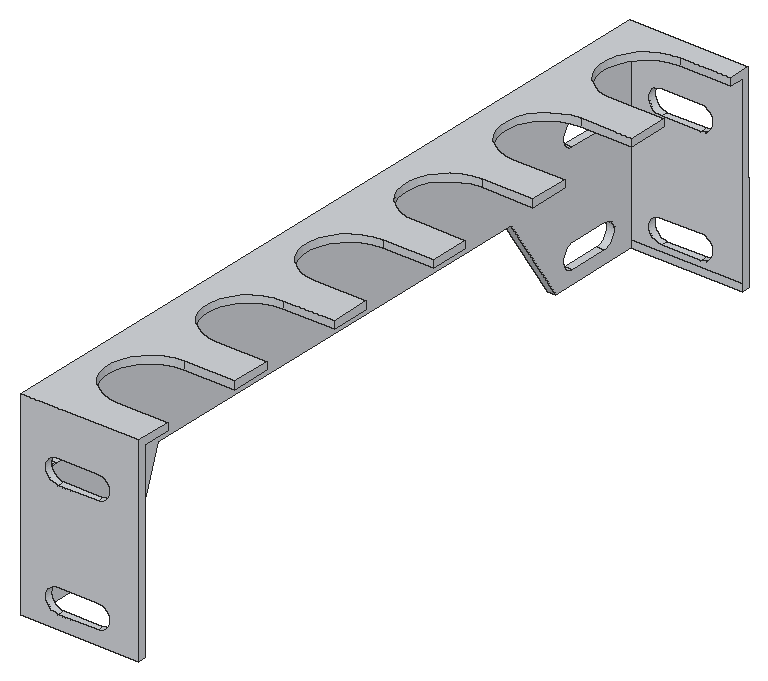
Revit family
Parameters
  Material ID = "760058677  "
  Description = "SYSTIMAX InstaPATCH PLUS CABLE ATTATTACHMENT BRACKETS"
Reference planes (in)
  plane 1 "Center (Front/Back)": y = 0
  plane 2: z = 0
  plane 3 "Center (Left/Right)": x = 0
Forms (in)
  Extrusion 1, solid
    sketch origin (0, 0, 0) x (1, 0, 0) y (0, 0, 1)
      loop
        line (-0.6, 1) -> (-0.6, -1) -> (0.6, -1) -> (0.6, 1) -> (-0.6, 1)
    from 0 to 7.68
  Extrusion 2, void
    sketch origin (0, 0, 0) x (0, 1, 0) y (0, 0, 1)
      loop
        line (-0.0747, 0.9253) -> (-7.61, 0.9253) -> (-7.61, -1.3247) -> (-0.0747, -1.3247) -> (-0.0747, -0.9253) -> (-0.0747, 0.9253)
    from -0.52087 to 12
  Extrusion 3, void
    sketch origin (0, 0, 0) x (1, 0, 0) y (0, 1, 0)
      loop
        line (0.08413, -7.32) -> (0.66933, -7.32) -> (0.66933, -6.47) -> (0.08413, -6.47)
        arc (0.08413, -6.47) -> (-0.34087, -6.895) -> (0.08413, -7.32) r 0.425
    from 0 to 12
  Extrusion 4, void
    sketch origin (0, 1.25, 0) x (1, 0, 0) y (0, 1, 0)
      loop
        line (0.08413, -7.32) -> (0.66933, -7.32) -> (0.66933, -6.47) -> (0.08413, -6.47)
        arc (0.08413, -6.47) -> (-0.34087, -6.895) -> (0.08413, -7.32) r 0.425
    from 0 to 12
  Extrusion 5, void
    sketch origin (0, 2.5, 0) x (1, 0, 0) y (0, 1, 0)
      loop
        line (0.08413, -7.32) -> (0.66933, -7.32) -> (0.66933, -6.47) -> (0.08413, -6.47)
        arc (0.08413, -6.47) -> (-0.34087, -6.895) -> (0.08413, -7.32) r 0.425
    from 0 to 12
  Extrusion 6, void
    sketch origin (0, 3.75, 0) x (1, 0, 0) y (0, 1, 0)
      loop
        line (0.08413, -7.32) -> (0.66933, -7.32) -> (0.66933, -6.47) -> (0.08413, -6.47)
        arc (0.08413, -6.47) -> (-0.34087, -6.895) -> (0.08413, -7.32) r 0.425
    from 0 to 12
  Extrusion 7, void
    sketch origin (0, 5, 0) x (1, 0, 0) y (0, 1, 0)
      loop
        line (0.08413, -7.32) -> (0.66933, -7.32) -> (0.66933, -6.47) -> (0.08413, -6.47)
        arc (0.08413, -6.47) -> (-0.34087, -6.895) -> (0.08413, -7.32) r 0.425
    from 0 to 12
  Extrusion 8, void
    sketch origin (0, 6.25, 0) x (1, 0, 0) y (0, 1, 0)
      loop
        line (0.08413, -7.32) -> (0.66933, -7.32) -> (0.66933, -6.47) -> (0.08413, -6.47)
        arc (0.08413, -6.47) -> (-0.34087, -6.895) -> (0.08413, -7.32) r 0.425
    from 0 to 12
  Extrusion 9, void
    sketch origin (0, 0, 0) x (0, 1, 0) y (0, 0, 1)
      loop
        line (-6.49859, -1.38079) -> (-0.78221, -1.38079) -> (-1.59397, -0.13079) -> (-6.04363, -0.13079) -> (-6.49859, -1.38079)
    from 0 to -4.7334
  Extrusion 10, void
    sketch origin (0, 0, 0) x (1, 0, 0) y (0, 0, 1)
      loop
        arc (-0.219, 0.55188) -> (-0.344, 0.42688) -> (-0.219, 0.30188) r 0.125
        line (-0.219, 0.30188) -> (0.181, 0.30188)
        arc (0.181, 0.30188) -> (0.306, 0.42688) -> (0.181, 0.55188) r 0.125
        line (0.181, 0.55188) -> (-0.219, 0.55188)
      loop
        arc (-0.219, -0.61392) -> (-0.344, -0.73892) -> (-0.219, -0.86392) r 0.125
        line (-0.219, -0.86392) -> (0.181, -0.86392)
        arc (0.181, -0.86392) -> (0.306, -0.73892) -> (0.181, -0.61392) r 0.125
        line (0.181, -0.61392) -> (-0.219, -0.61392)
    from 0 to 12
  Extrusion 11, void
    sketch origin (0, 0, 0) x (0, 1, 0) y (0, 0, 1)
      loop
        arc (-7.31, 0.48569) -> (-7.435, 0.36069) -> (-7.31, 0.23569) r 0.125
        line (-7.31, 0.23569) -> (-6.91, 0.23569)
        arc (-6.91, 0.23569) -> (-6.785, 0.36069) -> (-6.91, 0.48569) r 0.125
        line (-6.91, 0.48569) -> (-7.31, 0.48569)
      loop
        arc (-7.31, -0.61788) -> (-7.435, -0.74288) -> (-7.31, -0.86788) r 0.125
        line (-7.31, -0.86788) -> (-6.91, -0.86788)
        arc (-6.91, -0.86788) -> (-6.785, -0.74288) -> (-6.91, -0.61788) r 0.125
        line (-6.91, -0.61788) -> (-7.31, -0.61788)
      loop
        arc (-0.81, 0.48569) -> (-0.935, 0.36069) -> (-0.81, 0.23569) r 0.125
        line (-0.81, 0.23569) -> (-0.41, 0.23569)
        arc (-0.41, 0.23569) -> (-0.285, 0.36069) -> (-0.41, 0.48569) r 0.125
        line (-0.41, 0.48569) -> (-0.81, 0.48569)
      loop
        arc (-0.81, -0.61788) -> (-0.935, -0.74288) -> (-0.81, -0.86788) r 0.125
        line (-0.81, -0.86788) -> (-0.41, -0.86788)
        arc (-0.41, -0.86788) -> (-0.285, -0.74288) -> (-0.41, -0.61788) r 0.125
        line (-0.41, -0.61788) -> (-0.81, -0.61788)
    from 0 to -3.73625
Cuts and joins
  Extrusion 2, Extrusion 3, Extrusion 4, Extrusion 5, Extrusion 6, Extrusion 7, Extrusion 8, Extrusion 9, Extrusion 10, Extrusion 11 cuts Extrusion 1
Dimensions and locks (in)
  equal spacing: group 1, group 2, group 3, group 4, group 5, group 6  (x3)
